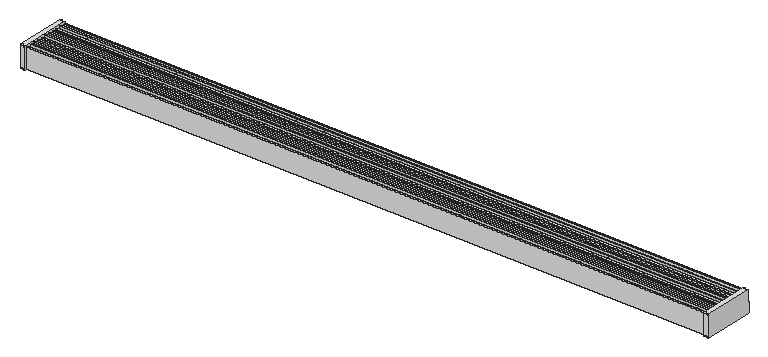
Revit family "Shower-Drain_Cover-KOHLER-Linear-K-80653_1", category Specialty Equipment, host Face, Revit 2017 (continued)
Definition of nested family "K-80653"
  Lines and regions (in)
    symbolic lines, detail levels medium+fine
      curve 322: line (-14.68381, -0.05, 0) -> (-14.01962, -0.05, 0)
      curve 323: line (-13.90762, -0.19, 0) -> (-13.24482, -0.19, 0)
      curve 324: line (-13.90762, -0.05, 0) -> (-13.24482, -0.05, 0)
      curve 325: line (-12.46787, 0.05, 0) -> (-12.46787, 0.19, 0)
      curve 326: line (-13.03155, 1.15, 0) -> (-12.5675, 1.15, 0)
      curve 327: arc (-13.13067, 1.05088, 0) -> (-13.10164, 1.12097, 0) -> (-13.03155, 1.15, 0) r 0.09912
      curve 328: line (-12.35587, 0.05, 0) -> (-12.35587, 0.19, 0)
      curve 329: line (-11.79219, 1.15, 0) -> (-12.26182, 1.15, 0)
      curve 330: line (-11.69307, 1.05088, 0) -> (-11.69307, 1.01, 0)
      curve 331: arc (-11.69307, 1.05088, 0) -> (-11.7221, 1.12097, 0) -> (-11.79219, 1.15, 0) r 0.09912
      curve 332: line (-11.69307, 0.91, 0) -> (-12.35587, 0.91, 0)
      curve 333: line (-13.13206, 0.05, 0) -> (-13.13206, 0.19, 0)
      curve 334: line (-13.13206, 1.01, 0) -> (-12.46787, 1.01, 0)
      curve 335: line (-12.35587, 1.01, 0) -> (-11.69307, 1.01, 0)
      curve 336: line (-13.13206, 1.01, 0) -> (-13.13206, 1.05088, 0)
      curve 337: line (-11.69307, 0.91, 0) -> (-11.69307, 0.77, 0)
      curve 338: line (-13.13206, 0.77, 0) -> (-12.46787, 0.77, 0)
      curve 339: line (-12.46787, 0.91, 0) -> (-13.13206, 0.91, 0)
      curve 340: line (-11.69307, 0.67, 0) -> (-11.69307, 0.53, 0)
      curve 341: line (-12.35587, 0.77, 0) -> (-11.69307, 0.77, 0)
      curve 342: line (-12.46787, 0.77, 0) -> (-12.46787, 0.91, 0)
      curve 343: line (-12.35587, 0.77, 0) -> (-12.35587, 0.91, 0)
      curve 344: line (-13.13206, 0.77, 0) -> (-13.13206, 0.91, 0)
      curve 345: line (-13.13206, 0.67, 0) -> (-12.46787, 0.67, 0)
      curve 346: line (-13.13206, 0.53, 0) -> (-12.46787, 0.53, 0)
      curve 347: line (-12.35587, 0.67, 0) -> (-11.69307, 0.67, 0)
      curve 348: line (-12.35587, 0.53, 0) -> (-11.69307, 0.53, 0)
      curve 349: line (-13.13206, 0.53, 0) -> (-13.13206, 0.67, 0)
      curve 350: line (-11.69307, 0.43, 0) -> (-11.69307, 0.29, 0)
      curve 351: line (-12.35587, 0.53, 0) -> (-12.35587, 0.67, 0)
      curve 352: line (-12.46787, 0.53, 0) -> (-12.46787, 0.67, 0)
      curve 353: line (-13.13206, 0.43, 0) -> (-12.46787, 0.43, 0)
      curve 354: line (-13.13206, 0.29, 0) -> (-12.46787, 0.29, 0)
      curve 355: line (-13.13206, 0.29, 0) -> (-13.13206, 0.43, 0)
      curve 356: line (-12.46787, 0.29, 0) -> (-12.46787, 0.43, 0)
      curve 357: line (-12.35587, 0.29, 0) -> (-12.35587, 0.43, 0)
      curve 358: line (-11.69307, 0.19, 0) -> (-11.69307, 0.05, 0)
      curve 359: line (-12.35587, 0.29, 0) -> (-11.69307, 0.29, 0)
      curve 360: line (-12.35587, 0.43, 0) -> (-11.69307, 0.43, 0)
      curve 361: line (-13.13206, 0.19, 0) -> (-12.46787, 0.19, 0)
      curve 362: line (-13.13206, 0.05, 0) -> (-12.46787, 0.05, 0)
      curve 363: line (-12.35587, 0.19, 0) -> (-11.69307, 0.19, 0)
      curve 364: line (-12.35587, 0.05, 0) -> (-11.69307, 0.05, 0)
      curve 365: line (-12.46787, -0.05, 0) -> (-12.46787, -0.19, 0)
      curve 366: line (-13.03155, -1.15, 0) -> (-12.57323, -1.15, 0)
      curve 367: arc (-13.13067, -1.05088, 0) -> (-13.10164, -1.12097, 0) -> (-13.03155, -1.15, 0) r 0.09912
      curve 368: line (-12.35587, -0.05, 0) -> (-12.35587, -0.19, 0)
      curve 369: line (-11.79219, -1.15, 0) -> (-12.25558, -1.15, 0)
      curve 370: line (-11.69307, -1.05088, 0) -> (-11.69307, -1.01, 0)
      curve 371: arc (-11.69307, -1.05088, 0) -> (-11.7221, -1.12097, 0) -> (-11.79219, -1.15, 0) r 0.09912
      curve 372: line (-11.69307, -0.91, 0) -> (-12.35587, -0.91, 0)
      curve 373: line (-13.13206, -0.05, 0) -> (-13.13206, -0.19, 0)
      curve 374: line (-13.13206, -1.01, 0) -> (-12.46787, -1.01, 0)
      curve 375: line (-12.35587, -1.01, 0) -> (-11.69307, -1.01, 0)
      curve 376: line (-13.13206, -1.01, 0) -> (-13.13206, -1.05088, 0)
      curve 377: line (-11.69307, -0.91, 0) -> (-11.69307, -0.77, 0)
      curve 378: line (-13.13206, -0.77, 0) -> (-12.46787, -0.77, 0)
      curve 379: line (-12.46787, -0.91, 0) -> (-13.13206, -0.91, 0)
      curve 380: line (-11.69307, -0.67, 0) -> (-11.69307, -0.53, 0)
      curve 381: line (-12.35587, -0.77, 0) -> (-11.69307, -0.77, 0)
      curve 382: line (-12.46787, -0.77, 0) -> (-12.46787, -0.91, 0)
      curve 383: line (-12.35587, -0.77, 0) -> (-12.35587, -0.91, 0)
      curve 384: line (-13.13206, -0.77, 0) -> (-13.13206, -0.91, 0)
      curve 385: line (-13.13206, -0.67, 0) -> (-12.46787, -0.67, 0)
      curve 386: line (-13.13206, -0.53, 0) -> (-12.46787, -0.53, 0)
      curve 387: line (-12.35587, -0.67, 0) -> (-11.69307, -0.67, 0)
      curve 388: line (-12.35587, -0.53, 0) -> (-11.69307, -0.53, 0)
      curve 389: line (-13.13206, -0.53, 0) -> (-13.13206, -0.67, 0)
      curve 390: line (-11.69307, -0.43, 0) -> (-11.69307, -0.29, 0)
      curve 391: line (-12.35587, -0.53, 0) -> (-12.35587, -0.67, 0)
      curve 392: line (-12.46787, -0.53, 0) -> (-12.46787, -0.67, 0)
      curve 393: line (-13.13206, -0.43, 0) -> (-12.46787, -0.43, 0)
      curve 394: line (-13.13206, -0.29, 0) -> (-12.46787, -0.29, 0)
      curve 395: line (-13.13206, -0.29, 0) -> (-13.13206, -0.43, 0)
      curve 396: line (-12.46787, -0.29, 0) -> (-12.46787, -0.43, 0)
      curve 397: line (-12.35587, -0.29, 0) -> (-12.35587, -0.43, 0)
      curve 398: line (-11.69307, -0.19, 0) -> (-11.69307, -0.05, 0)
      curve 399: line (-12.35587, -0.29, 0) -> (-11.69307, -0.29, 0)
      curve 400: line (-12.35587, -0.43, 0) -> (-11.69307, -0.43, 0)
      curve 401: line (-13.13206, -0.19, 0) -> (-12.46787, -0.19, 0)
      curve 402: line (-13.13206, -0.05, 0) -> (-12.46787, -0.05, 0)
      curve 403: line (-12.35587, -0.19, 0) -> (-11.69307, -0.19, 0)
      curve 404: line (-12.35587, -0.05, 0) -> (-11.69307, -0.05, 0)
      curve 405: arc (-12.46787, -1.04464, 0) -> (-12.49873, -1.11914, 0) -> (-12.57323, -1.15, 0) r 0.10536
      curve 406: arc (-12.35587, -1.0497, 0) -> (-12.3265, -1.12062, 0) -> (-12.25558, -1.15, 0) r 0.1003
      curve 407: line (-12.46787, -1.01, 0) -> (-12.46787, -1.04464, 0)
      curve 408: line (-12.35587, -1.01, 0) -> (-12.35587, -1.0497, 0)
      curve 409: arc (-12.46787, 1.05037, 0) -> (-12.49705, 1.12082, 0) -> (-12.5675, 1.15, 0) r 0.09963
      curve 410: line (-12.46787, 1.01, 0) -> (-12.46787, 1.05037, 0)
      curve 411: line (-12.35587, 1.01, 0) -> (-12.35587, 1.05595, 0)
      curve 412: arc (-12.35587, 1.05595, 0) -> (-12.32833, 1.12245, 0) -> (-12.26182, 1.15, 0) r 0.09405
      curve 413: line (-10.91658, 0.05, 0) -> (-10.91658, 0.19, 0)
      curve 414: arc (-10.91658, 0.83109, 0) -> (-10.92832, 0.87565, 0) -> (-10.95903, 0.91, 0) r 0.09854
      curve 415: arc (-11.02394, 1.01, 0) -> (-11.02688, 1.02893, 0) -> (-11.02762, 1.04807, 0) r 0.16707
      curve 416: line (-11.48026, 1.15, 0) -> (-11.12769, 1.15, 0)
      curve 417: arc (-11.57938, 1.05088, 0) -> (-11.55035, 1.12097, 0) -> (-11.48026, 1.15, 0) r 0.09912
      curve 418: arc (-11.12769, 1.15, 0) -> (-11.05627, 1.12003, 0) -> (-11.02762, 1.04807, 0) r 0.10009
      curve 419: arc (-10.77323, 1.01, 0) -> (-10.86058, 1.13911, 0) -> (-10.94794, 1.01, 0) r 0.09411
      curve 420: line (-10.80458, 0.05, 0) -> (-10.80458, 0.19, 0)
      curve 421: arc (-10.80458, 0.83109, 0) -> (-10.79285, 0.87565, 0) -> (-10.76214, 0.91, 0) r 0.09854
      curve 422: arc (-10.69723, 1.01, 0) -> (-10.69429, 1.02893, 0) -> (-10.69355, 1.04807, 0) r 0.16707
      curve 423: line (-10.2409, 1.15, 0) -> (-10.59348, 1.15, 0)
      curve 424: line (-10.14178, 1.05088, 0) -> (-10.14178, 1.01, 0)
      curve 425: arc (-10.14178, 1.05088, 0) -> (-10.17082, 1.12097, 0) -> (-10.2409, 1.15, 0) r 0.09912
      curve 426: arc (-10.59348, 1.15, 0) -> (-10.6649, 1.12003, 0) -> (-10.69355, 1.04807, 0) r 0.10009
      curve 427: line (-10.14178, 0.91, 0) -> (-10.76214, 0.91, 0)
      curve 428: line (-11.58077, 0.05, 0) -> (-11.58077, 0.19, 0)
      curve 429: line (-11.58077, 1.01, 0) -> (-11.02394, 1.01, 0)
      curve 430: line (-10.69723, 1.01, 0) -> (-10.14178, 1.01, 0)
      curve 431: line (-10.94794, 1.01, 0) -> (-10.77323, 1.01, 0)
      curve 432: line (-11.58077, 1.01, 0) -> (-11.58077, 1.05088, 0)
      curve 433: line (-10.14178, 0.91, 0) -> (-10.14178, 0.77, 0)
      curve 434: line (-11.58077, 0.77, 0) -> (-10.91658, 0.77, 0)
      curve 435: line (-10.95903, 0.91, 0) -> (-11.58077, 0.91, 0)
      curve 436: line (-10.14178, 0.67, 0) -> (-10.14178, 0.53, 0)
      curve 437: line (-10.80458, 0.77, 0) -> (-10.14178, 0.77, 0)
      curve 438: line (-10.91658, 0.77, 0) -> (-10.91658, 0.83109, 0)
      curve 439: line (-10.80458, 0.77, 0) -> (-10.80458, 0.83109, 0)
      curve 440: line (-11.58077, 0.77, 0) -> (-11.58077, 0.91, 0)
      curve 441: line (-11.58077, 0.67, 0) -> (-10.91658, 0.67, 0)
      curve 442: line (-11.58077, 0.53, 0) -> (-10.91658, 0.53, 0)
      curve 443: line (-10.80458, 0.67, 0) -> (-10.14178, 0.67, 0)
      curve 444: line (-10.80458, 0.53, 0) -> (-10.14178, 0.53, 0)
      curve 445: line (-11.58077, 0.53, 0) -> (-11.58077, 0.67, 0)
      curve 446: line (-10.14178, 0.43, 0) -> (-10.14178, 0.29, 0)
      curve 447: line (-10.80458, 0.53, 0) -> (-10.80458, 0.67, 0)
      curve 448: line (-10.91658, 0.53, 0) -> (-10.91658, 0.67, 0)
      curve 449: line (-11.58077, 0.43, 0) -> (-10.91658, 0.43, 0)
      curve 450: line (-11.58077, 0.29, 0) -> (-10.91658, 0.29, 0)
      curve 451: line (-11.58077, 0.29, 0) -> (-11.58077, 0.43, 0)
      curve 452: line (-10.91658, 0.29, 0) -> (-10.91658, 0.43, 0)
      curve 453: line (-10.80458, 0.29, 0) -> (-10.80458, 0.43, 0)
      curve 454: line (-10.14178, 0.19, 0) -> (-10.14178, 0.05, 0)
      curve 455: line (-10.80458, 0.29, 0) -> (-10.14178, 0.29, 0)
      curve 456: line (-10.80458, 0.43, 0) -> (-10.14178, 0.43, 0)
      curve 457: line (-11.58077, 0.19, 0) -> (-10.91658, 0.19, 0)
      curve 458: line (-11.58077, 0.05, 0) -> (-10.91658, 0.05, 0)
      curve 459: line (-10.80458, 0.19, 0) -> (-10.14178, 0.19, 0)
      curve 460: line (-10.80458, 0.05, 0) -> (-10.14178, 0.05, 0)
      curve 461: line (-10.91658, -0.05, 0) -> (-10.91658, -0.19, 0)
      curve 462: arc (-10.91658, -0.83109, 0) -> (-10.92832, -0.87565, 0) -> (-10.95903, -0.91, 0) r 0.09854
      curve 463: arc (-11.02394, -1.01, 0) -> (-11.02688, -1.02893, 0) -> (-11.02762, -1.04807, 0) r 0.16707
      curve 464: line (-11.48026, -1.15, 0) -> (-11.12769, -1.15, 0)
      curve 465: arc (-11.57938, -1.05088, 0) -> (-11.55035, -1.12097, 0) -> (-11.48026, -1.15, 0) r 0.09912
      curve 466: arc (-11.12769, -1.15, 0) -> (-11.05627, -1.12003, 0) -> (-11.02762, -1.04807, 0) r 0.10009
      curve 467: arc (-10.77323, -1.01, 0) -> (-10.86058, -1.13911, 0) -> (-10.94794, -1.01, 0) r 0.09411
      curve 468: line (-10.80458, -0.05, 0) -> (-10.80458, -0.19, 0)
      curve 469: arc (-10.80458, -0.83109, 0) -> (-10.79285, -0.87565, 0) -> (-10.76214, -0.91, 0) r 0.09854
      curve 470: arc (-10.69723, -1.01, 0) -> (-10.69429, -1.02893, 0) -> (-10.69355, -1.04807, 0) r 0.16707
      curve 471: line (-10.2409, -1.15, 0) -> (-10.59348, -1.15, 0)
      curve 472: line (-10.14178, -1.05088, 0) -> (-10.14178, -1.01, 0)
      curve 473: arc (-10.14178, -1.05088, 0) -> (-10.17082, -1.12097, 0) -> (-10.2409, -1.15, 0) r 0.09912
      curve 474: arc (-10.59348, -1.15, 0) -> (-10.6649, -1.12003, 0) -> (-10.69355, -1.04807, 0) r 0.10009
      curve 475: line (-10.14178, -0.91, 0) -> (-10.76214, -0.91, 0)
      curve 476: line (-11.58077, -0.05, 0) -> (-11.58077, -0.19, 0)
      curve 477: line (-11.58077, -1.01, 0) -> (-11.02394, -1.01, 0)
      curve 478: line (-10.69723, -1.01, 0) -> (-10.14178, -1.01, 0)
      curve 479: line (-10.94794, -1.01, 0) -> (-10.77323, -1.01, 0)
      curve 480: line (-11.58077, -1.01, 0) -> (-11.58077, -1.05088, 0)
      curve 481: line (-10.14178, -0.91, 0) -> (-10.14178, -0.77, 0)
      curve 482: line (-11.58077, -0.77, 0) -> (-10.91658, -0.77, 0)
      curve 483: line (-10.95903, -0.91, 0) -> (-11.58077, -0.91, 0)
      curve 484: line (-10.14178, -0.67, 0) -> (-10.14178, -0.53, 0)
      curve 485: line (-10.80458, -0.77, 0) -> (-10.14178, -0.77, 0)
      curve 486: line (-10.91658, -0.77, 0) -> (-10.91658, -0.83109, 0)
      curve 487: line (-10.80458, -0.77, 0) -> (-10.80458, -0.83109, 0)
      curve 488: line (-11.58077, -0.77, 0) -> (-11.58077, -0.91, 0)
      curve 489: line (-11.58077, -0.67, 0) -> (-10.91658, -0.67, 0)
      curve 490: line (-11.58077, -0.53, 0) -> (-10.91658, -0.53, 0)
      curve 491: line (-10.80458, -0.67, 0) -> (-10.14178, -0.67, 0)
      curve 492: line (-10.80458, -0.53, 0) -> (-10.14178, -0.53, 0)
      curve 493: line (-11.58077, -0.53, 0) -> (-11.58077, -0.67, 0)
      curve 494: line (-10.14178, -0.43, 0) -> (-10.14178, -0.29, 0)
      curve 495: line (-10.80458, -0.53, 0) -> (-10.80458, -0.67, 0)
      curve 496: line (-10.91658, -0.53, 0) -> (-10.91658, -0.67, 0)
      curve 497: line (-11.58077, -0.43, 0) -> (-10.91658, -0.43, 0)
      curve 498: line (-11.58077, -0.29, 0) -> (-10.91658, -0.29, 0)
      curve 499: line (-11.58077, -0.29, 0) -> (-11.58077, -0.43, 0)
      curve 500: line (-10.91658, -0.29, 0) -> (-10.91658, -0.43, 0)
      curve 501: line (-10.80458, -0.29, 0) -> (-10.80458, -0.43, 0)
      curve 502: line (-10.14178, -0.19, 0) -> (-10.14178, -0.05, 0)
      curve 503: line (-10.80458, -0.29, 0) -> (-10.14178, -0.29, 0)
      curve 504: line (-10.80458, -0.43, 0) -> (-10.14178, -0.43, 0)
      curve 505: line (-11.58077, -0.19, 0) -> (-10.91658, -0.19, 0)
      curve 506: line (-11.58077, -0.05, 0) -> (-10.91658, -0.05, 0)
      curve 507: line (-10.80458, -0.19, 0) -> (-10.14178, -0.19, 0)
      curve 508: line (-10.80458, -0.05, 0) -> (-10.14178, -0.05, 0)
      curve 509: line (-9.36483, 0.05, 0) -> (-9.36483, 0.19, 0)
      curve 510: line (-9.92851, 1.15, 0) -> (-9.46446, 1.15, 0)
      curve 511: arc (-10.02763, 1.05088, 0) -> (-9.9986, 1.12097, 0) -> (-9.92851, 1.15, 0) r 0.09912
      curve 512: line (-9.25283, 0.05, 0) -> (-9.25283, 0.19, 0)
      curve 513: line (-8.68915, 1.15, 0) -> (-9.15878, 1.15, 0)
      curve 514: line (-8.59003, 1.05088, 0) -> (-8.59003, 1.01, 0)
      curve 515: arc (-8.59003, 1.05088, 0) -> (-8.61907, 1.12097, 0) -> (-8.68915, 1.15, 0) r 0.09912
      curve 516: line (-8.59003, 0.91, 0) -> (-9.25283, 0.91, 0)
      curve 517: line (-10.02902, 0.05, 0) -> (-10.02902, 0.19, 0)
      curve 518: line (-10.02902, 1.01, 0) -> (-9.36483, 1.01, 0)
      curve 519: line (-9.25283, 1.01, 0) -> (-8.59003, 1.01, 0)
      curve 520: line (-10.02902, 1.01, 0) -> (-10.02902, 1.05088, 0)
      curve 521: line (-8.59003, 0.91, 0) -> (-8.59003, 0.77, 0)
      curve 522: line (-10.02902, 0.77, 0) -> (-9.36483, 0.77, 0)
      curve 523: line (-9.36483, 0.91, 0) -> (-10.02902, 0.91, 0)
      curve 524: line (-8.59003, 0.67, 0) -> (-8.59003, 0.53, 0)
      curve 525: line (-9.25283, 0.77, 0) -> (-8.59003, 0.77, 0)
      curve 526: line (-9.36483, 0.77, 0) -> (-9.36483, 0.91, 0)
      curve 527: line (-9.25283, 0.77, 0) -> (-9.25283, 0.91, 0)
      curve 528: line (-10.02902, 0.77, 0) -> (-10.02902, 0.91, 0)
      curve 529: line (-10.02902, 0.67, 0) -> (-9.36483, 0.67, 0)
      curve 530: line (-10.02902, 0.53, 0) -> (-9.36483, 0.53, 0)
      curve 531: line (-9.25283, 0.67, 0) -> (-8.59003, 0.67, 0)
      curve 532: line (-9.25283, 0.53, 0) -> (-8.59003, 0.53, 0)
      curve 533: line (-10.02902, 0.53, 0) -> (-10.02902, 0.67, 0)
      curve 534: line (-8.59003, 0.43, 0) -> (-8.59003, 0.29, 0)
      curve 535: line (-9.25283, 0.53, 0) -> (-9.25283, 0.67, 0)
      curve 536: line (-9.36483, 0.53, 0) -> (-9.36483, 0.67, 0)
      curve 537: line (-10.02902, 0.43, 0) -> (-9.36483, 0.43, 0)
      curve 538: line (-10.02902, 0.29, 0) -> (-9.36483, 0.29, 0)
      curve 539: line (-10.02902, 0.29, 0) -> (-10.02902, 0.43, 0)
      curve 540: line (-9.36483, 0.29, 0) -> (-9.36483, 0.43, 0)
      curve 541: line (-9.25283, 0.29, 0) -> (-9.25283, 0.43, 0)
      curve 542: line (-8.59003, 0.19, 0) -> (-8.59003, 0.05, 0)
      curve 543: line (-9.25283, 0.29, 0) -> (-8.59003, 0.29, 0)
      curve 544: line (-9.25283, 0.43, 0) -> (-8.59003, 0.43, 0)
      curve 545: line (-10.02902, 0.19, 0) -> (-9.36483, 0.19, 0)
      curve 546: line (-10.02902, 0.05, 0) -> (-9.36483, 0.05, 0)
      curve 547: line (-9.25283, 0.19, 0) -> (-8.59003, 0.19, 0)
      curve 548: line (-9.25283, 0.05, 0) -> (-8.59003, 0.05, 0)
      curve 549: line (-9.36483, -0.05, 0) -> (-9.36483, -0.19, 0)
      curve 550: line (-9.92851, -1.15, 0) -> (-9.47019, -1.15, 0)
      curve 551: arc (-10.02763, -1.05088, 0) -> (-9.9986, -1.12097, 0) -> (-9.92851, -1.15, 0) r 0.09912
      curve 552: line (-9.25283, -0.05, 0) -> (-9.25283, -0.19, 0)
      curve 553: line (-8.68915, -1.15, 0) -> (-9.15254, -1.15, 0)
      curve 554: line (-8.59003, -1.05088, 0) -> (-8.59003, -1.01, 0)
      curve 555: arc (-8.59003, -1.05088, 0) -> (-8.61907, -1.12097, 0) -> (-8.68915, -1.15, 0) r 0.09912
      curve 556: line (-8.59003, -0.91, 0) -> (-9.25283, -0.91, 0)
      curve 557: line (-10.02902, -0.05, 0) -> (-10.02902, -0.19, 0)
      curve 558: line (-10.02902, -1.01, 0) -> (-9.36483, -1.01, 0)
      curve 559: line (-9.25283, -1.01, 0) -> (-8.59003, -1.01, 0)
      curve 560: line (-10.02902, -1.01, 0) -> (-10.02902, -1.05088, 0)
      curve 561: line (-8.59003, -0.91, 0) -> (-8.59003, -0.77, 0)
      curve 562: line (-10.02902, -0.77, 0) -> (-9.36483, -0.77, 0)
      curve 563: line (-9.36483, -0.91, 0) -> (-10.02902, -0.91, 0)
      curve 564: line (-8.59003, -0.67, 0) -> (-8.59003, -0.53, 0)
      curve 565: line (-9.25283, -0.77, 0) -> (-8.59003, -0.77, 0)
      curve 566: line (-9.36483, -0.77, 0) -> (-9.36483, -0.91, 0)
      curve 567: line (-9.25283, -0.77, 0) -> (-9.25283, -0.91, 0)
      curve 568: line (-10.02902, -0.77, 0) -> (-10.02902, -0.91, 0)
      curve 569: line (-10.02902, -0.67, 0) -> (-9.36483, -0.67, 0)
      curve 570: line (-10.02902, -0.53, 0) -> (-9.36483, -0.53, 0)
      curve 571: line (-9.25283, -0.67, 0) -> (-8.59003, -0.67, 0)
      curve 572: line (-9.25283, -0.53, 0) -> (-8.59003, -0.53, 0)
      curve 573: line (-10.02902, -0.53, 0) -> (-10.02902, -0.67, 0)
      curve 574: line (-8.59003, -0.43, 0) -> (-8.59003, -0.29, 0)
      curve 575: line (-9.25283, -0.53, 0) -> (-9.25283, -0.67, 0)
      curve 576: line (-9.36483, -0.53, 0) -> (-9.36483, -0.67, 0)
      curve 577: line (-10.02902, -0.43, 0) -> (-9.36483, -0.43, 0)
      curve 578: line (-10.02902, -0.29, 0) -> (-9.36483, -0.29, 0)
      curve 579: line (-10.02902, -0.29, 0) -> (-10.02902, -0.43, 0)
      curve 580: line (-9.36483, -0.29, 0) -> (-9.36483, -0.43, 0)
      curve 581: line (-9.25283, -0.29, 0) -> (-9.25283, -0.43, 0)
      curve 582: line (-8.59003, -0.19, 0) -> (-8.59003, -0.05, 0)
      curve 583: line (-9.25283, -0.29, 0) -> (-8.59003, -0.29, 0)
      curve 584: line (-9.25283, -0.43, 0) -> (-8.59003, -0.43, 0)
      curve 585: line (-10.02902, -0.19, 0) -> (-9.36483, -0.19, 0)
      curve 586: line (-10.02902, -0.05, 0) -> (-9.36483, -0.05, 0)
      curve 587: line (-9.25283, -0.19, 0) -> (-8.59003, -0.19, 0)
      curve 588: line (-9.25283, -0.05, 0) -> (-8.59003, -0.05, 0)
      curve 589: arc (-9.36483, -1.04464, 0) -> (-9.39569, -1.11914, 0) -> (-9.47019, -1.15, 0) r 0.10536
      curve 590: arc (-9.25283, -1.0497, 0) -> (-9.22346, -1.12062, 0) -> (-9.15254, -1.15, 0) r 0.1003
      curve 591: line (-9.36483, -1.01, 0) -> (-9.36483, -1.04464, 0)
      curve 592: line (-9.25283, -1.01, 0) -> (-9.25283, -1.0497, 0)
      curve 593: arc (-9.36483, 1.05037, 0) -> (-9.39401, 1.12082, 0) -> (-9.46446, 1.15, 0) r 0.09963
      curve 594: line (-9.36483, 1.01, 0) -> (-9.36483, 1.05037, 0)
      curve 595: line (-9.25283, 1.01, 0) -> (-9.25283, 1.05595, 0)
      curve 596: arc (-9.25283, 1.05595, 0) -> (-9.22529, 1.12245, 0) -> (-9.15878, 1.15, 0) r 0.09405
      curve 597: line (-7.81498, 0.05, 0) -> (-7.81498, 0.19, 0)
      curve 598: arc (-7.81498, 0.83109, 0) -> (-7.82672, 0.87565, 0) -> (-7.85743, 0.91, 0) r 0.09854
      curve 599: arc (-7.92234, 1.01, 0) -> (-7.92527, 1.02893, 0) -> (-7.92602, 1.04807, 0) r 0.16707
      curve 600: line (-8.37866, 1.15, 0) -> (-8.02609, 1.15, 0)
      curve 601: arc (-8.47778, 1.05088, 0) -> (-8.44875, 1.12097, 0) -> (-8.37866, 1.15, 0) r 0.09912
      curve 602: arc (-8.02609, 1.15, 0) -> (-7.95467, 1.12003, 0) -> (-7.92602, 1.04807, 0) r 0.10009
      curve 603: arc (-7.67162, 1.01, 0) -> (-7.75898, 1.13911, 0) -> (-7.84633, 1.01, 0) r 0.09411
      curve 604: line (-7.70298, 0.05, 0) -> (-7.70298, 0.19, 0)
      curve 605: arc (-7.70298, 0.83109, 0) -> (-7.69124, 0.87565, 0) -> (-7.66053, 0.91, 0) r 0.09854
      curve 606: arc (-7.59562, 1.01, 0) -> (-7.59269, 1.02893, 0) -> (-7.59194, 1.04807, 0) r 0.16707
      curve 607: line (-7.1393, 1.15, 0) -> (-7.49187, 1.15, 0)
      curve 608: line (-7.04018, 1.05088, 0) -> (-7.04018, 1.01, 0)
      curve 609: arc (-7.04018, 1.05088, 0) -> (-7.06921, 1.12097, 0) -> (-7.1393, 1.15, 0) r 0.09912
      curve 610: arc (-7.49187, 1.15, 0) -> (-7.56329, 1.12003, 0) -> (-7.59194, 1.04807, 0) r 0.10009
      curve 611: line (-7.04018, 0.91, 0) -> (-7.66053, 0.91, 0)
      curve 612: line (-8.47916, 0.05, 0) -> (-8.47916, 0.19, 0)
      curve 613: line (-8.47916, 1.01, 0) -> (-7.92234, 1.01, 0)
      curve 614: line (-7.59562, 1.01, 0) -> (-7.04018, 1.01, 0)
      curve 615: line (-7.84633, 1.01, 0) -> (-7.67162, 1.01, 0)
      curve 616: line (-8.47916, 1.01, 0) -> (-8.47916, 1.05088, 0)
      curve 617: line (-7.04018, 0.91, 0) -> (-7.04018, 0.77, 0)
      curve 618: line (-8.47916, 0.77, 0) -> (-7.81498, 0.77, 0)
      curve 619: line (-7.85743, 0.91, 0) -> (-8.47916, 0.91, 0)
      curve 620: line (-7.04018, 0.67, 0) -> (-7.04018, 0.53, 0)
      curve 621: line (-7.70298, 0.77, 0) -> (-7.04018, 0.77, 0)
      curve 622: line (-7.81498, 0.77, 0) -> (-7.81498, 0.83109, 0)
      curve 623: line (-7.70298, 0.77, 0) -> (-7.70298, 0.83109, 0)
      curve 624: line (-8.47916, 0.77, 0) -> (-8.47916, 0.91, 0)
      curve 625: line (-8.47916, 0.67, 0) -> (-7.81498, 0.67, 0)
      curve 626: line (-8.47916, 0.53, 0) -> (-7.81498, 0.53, 0)
      curve 627: line (-7.70298, 0.67, 0) -> (-7.04018, 0.67, 0)
      curve 628: line (-7.70298, 0.53, 0) -> (-7.04018, 0.53, 0)
      curve 629: line (-8.47916, 0.53, 0) -> (-8.47916, 0.67, 0)
      curve 630: line (-7.04018, 0.43, 0) -> (-7.04018, 0.29, 0)
      curve 631: line (-7.70298, 0.53, 0) -> (-7.70298, 0.67, 0)
      curve 632: line (-7.81498, 0.53, 0) -> (-7.81498, 0.67, 0)
      curve 633: line (-8.47916, 0.43, 0) -> (-7.81498, 0.43, 0)
      curve 634: line (-8.47916, 0.29, 0) -> (-7.81498, 0.29, 0)
      curve 635: line (-8.47916, 0.29, 0) -> (-8.47916, 0.43, 0)
      curve 636: line (-7.81498, 0.29, 0) -> (-7.81498, 0.43, 0)
      curve 637: line (-7.70298, 0.29, 0) -> (-7.70298, 0.43, 0)
      curve 638: line (-7.04018, 0.19, 0) -> (-7.04018, 0.05, 0)
      curve 639: line (-7.70298, 0.29, 0) -> (-7.04018, 0.29, 0)
      curve 640: line (-7.70298, 0.43, 0) -> (-7.04018, 0.43, 0)
      curve 641: line (-8.47916, 0.19, 0) -> (-7.81498, 0.19, 0)
      curve 642: line (-8.47916, 0.05, 0) -> (-7.81498, 0.05, 0)
      curve 643: line (-7.70298, 0.19, 0) -> (-7.04018, 0.19, 0)
      curve 644: line (-7.70298, 0.05, 0) -> (-7.04018, 0.05, 0)
      curve 645: line (-7.81498, -0.05, 0) -> (-7.81498, -0.19, 0)
      curve 646: arc (-7.81498, -0.83109, 0) -> (-7.82672, -0.87565, 0) -> (-7.85743, -0.91, 0) r 0.09854
      curve 647: arc (-7.92234, -1.01, 0) -> (-7.92527, -1.02893, 0) -> (-7.92602, -1.04807, 0) r 0.16707
      curve 648: line (-8.37866, -1.15, 0) -> (-8.02609, -1.15, 0)
      curve 649: arc (-8.47778, -1.05088, 0) -> (-8.44875, -1.12097, 0) -> (-8.37866, -1.15, 0) r 0.09912
      curve 650: arc (-8.02609, -1.15, 0) -> (-7.95467, -1.12003, 0) -> (-7.92602, -1.04807, 0) r 0.10009
      curve 651: arc (-7.67162, -1.01, 0) -> (-7.75898, -1.13911, 0) -> (-7.84633, -1.01, 0) r 0.09411
      curve 652: line (-7.70298, -0.05, 0) -> (-7.70298, -0.19, 0)
      curve 653: arc (-7.70298, -0.83109, 0) -> (-7.69124, -0.87565, 0) -> (-7.66053, -0.91, 0) r 0.09854
      curve 654: arc (-7.59562, -1.01, 0) -> (-7.59269, -1.02893, 0) -> (-7.59194, -1.04807, 0) r 0.16707
      curve 655: line (-7.1393, -1.15, 0) -> (-7.49187, -1.15, 0)
      curve 656: line (-7.04018, -1.05088, 0) -> (-7.04018, -1.01, 0)
      curve 657: arc (-7.04018, -1.05088, 0) -> (-7.06921, -1.12097, 0) -> (-7.1393, -1.15, 0) r 0.09912
      curve 658: arc (-7.49187, -1.15, 0) -> (-7.56329, -1.12003, 0) -> (-7.59194, -1.04807, 0) r 0.10009
      curve 659: line (-7.04018, -0.91, 0) -> (-7.66053, -0.91, 0)
      curve 660: line (-8.47916, -0.05, 0) -> (-8.47916, -0.19, 0)
      curve 661: line (-8.47916, -1.01, 0) -> (-7.92234, -1.01, 0)
      curve 662: line (-7.59562, -1.01, 0) -> (-7.04018, -1.01, 0)
      curve 663: line (-7.84633, -1.01, 0) -> (-7.67162, -1.01, 0)
      curve 664: line (-8.47916, -1.01, 0) -> (-8.47916, -1.05088, 0)
      curve 665: line (-7.04018, -0.91, 0) -> (-7.04018, -0.77, 0)
      curve 666: line (-8.47916, -0.77, 0) -> (-7.81498, -0.77, 0)
      curve 667: line (-7.85743, -0.91, 0) -> (-8.47916, -0.91, 0)
      curve 668: line (-7.04018, -0.67, 0) -> (-7.04018, -0.53, 0)
      curve 669: line (-7.70298, -0.77, 0) -> (-7.04018, -0.77, 0)
      curve 670: line (-7.81498, -0.77, 0) -> (-7.81498, -0.83109, 0)
      curve 671: line (-7.70298, -0.77, 0) -> (-7.70298, -0.83109, 0)
      curve 672: line (-8.47916, -0.77, 0) -> (-8.47916, -0.91, 0)
      curve 673: line (-8.47916, -0.67, 0) -> (-7.81498, -0.67, 0)
      curve 674: line (-8.47916, -0.53, 0) -> (-7.81498, -0.53, 0)
      curve 675: line (-7.70298, -0.67, 0) -> (-7.04018, -0.67, 0)
      curve 676: line (-7.70298, -0.53, 0) -> (-7.04018, -0.53, 0)
      curve 677: line (-8.47916, -0.53, 0) -> (-8.47916, -0.67, 0)
      curve 678: line (-7.04018, -0.43, 0) -> (-7.04018, -0.29, 0)
      curve 679: line (-7.70298, -0.53, 0) -> (-7.70298, -0.67, 0)
      curve 680: line (-7.81498, -0.53, 0) -> (-7.81498, -0.67, 0)
      curve 681: line (-8.47916, -0.43, 0) -> (-7.81498, -0.43, 0)
      curve 682: line (-8.47916, -0.29, 0) -> (-7.81498, -0.29, 0)
      curve 683: line (-8.47916, -0.29, 0) -> (-8.47916, -0.43, 0)
      curve 684: line (-7.81498, -0.29, 0) -> (-7.81498, -0.43, 0)
      curve 685: line (-7.70298, -0.29, 0) -> (-7.70298, -0.43, 0)
      curve 686: line (-7.04018, -0.19, 0) -> (-7.04018, -0.05, 0)
      curve 687: line (-7.70298, -0.29, 0) -> (-7.04018, -0.29, 0)
      curve 688: line (-7.70298, -0.43, 0) -> (-7.04018, -0.43, 0)
      curve 689: line (-8.47916, -0.19, 0) -> (-7.81498, -0.19, 0)
      curve 690: line (-8.47916, -0.05, 0) -> (-7.81498, -0.05, 0)
      curve 691: line (-7.70298, -0.19, 0) -> (-7.04018, -0.19, 0)
      curve 692: line (-7.70298, -0.05, 0) -> (-7.04018, -0.05, 0)
      curve 693: line (-6.26323, 0.05, 0) -> (-6.26323, 0.19, 0)
      curve 694: line (-6.82691, 1.15, 0) -> (-6.36286, 1.15, 0)
      curve 695: arc (-6.92603, 1.05088, 0) -> (-6.897, 1.12097, 0) -> (-6.82691, 1.15, 0) r 0.09912
      curve 696: line (-6.15123, 0.05, 0) -> (-6.15123, 0.19, 0)
      curve 697: line (-5.58755, 1.15, 0) -> (-6.05718, 1.15, 0)
      curve 698: line (-5.48843, 1.05088, 0) -> (-5.48843, 1.01, 0)
      curve 699: arc (-5.48843, 1.05088, 0) -> (-5.51746, 1.12097, 0) -> (-5.58755, 1.15, 0) r 0.09912
      curve 700: line (-5.48843, 0.91, 0) -> (-6.15123, 0.91, 0)
      curve 701: line (-6.92741, 0.05, 0) -> (-6.92741, 0.19, 0)
      curve 702: line (-6.92741, 1.01, 0) -> (-6.26323, 1.01, 0)
      curve 703: line (-6.15123, 1.01, 0) -> (-5.48843, 1.01, 0)
      curve 704: line (-6.92741, 1.01, 0) -> (-6.92741, 1.05088, 0)
      curve 705: line (-5.48843, 0.91, 0) -> (-5.48843, 0.77, 0)
      curve 706: line (-6.92741, 0.77, 0) -> (-6.26323, 0.77, 0)
      curve 707: line (-6.26323, 0.91, 0) -> (-6.92741, 0.91, 0)
      curve 708: line (-5.48843, 0.67, 0) -> (-5.48843, 0.53, 0)
      curve 709: line (-6.15123, 0.77, 0) -> (-5.48843, 0.77, 0)
      curve 710: line (-6.26323, 0.77, 0) -> (-6.26323, 0.91, 0)
      curve 711: line (-6.15123, 0.77, 0) -> (-6.15123, 0.91, 0)
      curve 712: line (-6.92741, 0.77, 0) -> (-6.92741, 0.91, 0)
      curve 713: line (-6.92741, 0.67, 0) -> (-6.26323, 0.67, 0)
      curve 714: line (-6.92741, 0.53, 0) -> (-6.26323, 0.53, 0)
      curve 715: line (-6.15123, 0.67, 0) -> (-5.48843, 0.67, 0)
      curve 716: line (-6.15123, 0.53, 0) -> (-5.48843, 0.53, 0)
      curve 717: line (-6.92741, 0.53, 0) -> (-6.92741, 0.67, 0)
      curve 718: line (-5.48843, 0.43, 0) -> (-5.48843, 0.29, 0)
      curve 719: line (-6.15123, 0.53, 0) -> (-6.15123, 0.67, 0)
      curve 720: line (-6.26323, 0.53, 0) -> (-6.26323, 0.67, 0)
      curve 721: line (-6.92741, 0.43, 0) -> (-6.26323, 0.43, 0)
      curve 722: line (-6.92741, 0.29, 0) -> (-6.26323, 0.29, 0)
      curve 723: line (-6.92741, 0.29, 0) -> (-6.92741, 0.43, 0)
      curve 724: line (-6.26323, 0.29, 0) -> (-6.26323, 0.43, 0)
      curve 725: line (-6.15123, 0.29, 0) -> (-6.15123, 0.43, 0)
      curve 726: line (-5.48843, 0.19, 0) -> (-5.48843, 0.05, 0)
      curve 727: line (-6.15123, 0.29, 0) -> (-5.48843, 0.29, 0)
      curve 728: line (-6.15123, 0.43, 0) -> (-5.48843, 0.43, 0)
      curve 729: line (-6.92741, 0.19, 0) -> (-6.26323, 0.19, 0)
      curve 730: line (-6.92741, 0.05, 0) -> (-6.26323, 0.05, 0)
      curve 731: line (-6.15123, 0.19, 0) -> (-5.48843, 0.19, 0)
      curve 732: line (-6.15123, 0.05, 0) -> (-5.48843, 0.05, 0)
      curve 733: line (-6.26323, -0.05, 0) -> (-6.26323, -0.19, 0)
      curve 734: line (-6.82691, -1.15, 0) -> (-6.36859, -1.15, 0)
      curve 735: arc (-6.92603, -1.05088, 0) -> (-6.897, -1.12097, 0) -> (-6.82691, -1.15, 0) r 0.09912
      curve 736: line (-6.15123, -0.05, 0) -> (-6.15123, -0.19, 0)
      curve 737: line (-5.58755, -1.15, 0) -> (-6.05093, -1.15, 0)
      curve 738: line (-5.48843, -1.05088, 0) -> (-5.48843, -1.01, 0)
      curve 739: arc (-5.48843, -1.05088, 0) -> (-5.51746, -1.12097, 0) -> (-5.58755, -1.15, 0) r 0.09912
      curve 740: line (-5.48843, -0.91, 0) -> (-6.15123, -0.91, 0)
      curve 741: line (-6.92741, -0.05, 0) -> (-6.92741, -0.19, 0)
      curve 742: line (-6.92741, -1.01, 0) -> (-6.26323, -1.01, 0)
      curve 743: line (-6.15123, -1.01, 0) -> (-5.48843, -1.01, 0)
      curve 744: line (-6.92741, -1.01, 0) -> (-6.92741, -1.05088, 0)
      curve 745: line (-5.48843, -0.91, 0) -> (-5.48843, -0.77, 0)
      curve 746: line (-6.92741, -0.77, 0) -> (-6.26323, -0.77, 0)
      curve 747: line (-6.26323, -0.91, 0) -> (-6.92741, -0.91, 0)
      curve 748: line (-5.48843, -0.67, 0) -> (-5.48843, -0.53, 0)
      curve 749: line (-6.15123, -0.77, 0) -> (-5.48843, -0.77, 0)
      curve 750: line (-6.26323, -0.77, 0) -> (-6.26323, -0.91, 0)
      curve 751: line (-6.15123, -0.77, 0) -> (-6.15123, -0.91, 0)
      curve 752: line (-6.92741, -0.77, 0) -> (-6.92741, -0.91, 0)
      curve 753: line (-6.92741, -0.67, 0) -> (-6.26323, -0.67, 0)
      curve 754: line (-6.92741, -0.53, 0) -> (-6.26323, -0.53, 0)
      curve 755: line (-6.15123, -0.67, 0) -> (-5.48843, -0.67, 0)
      curve 756: line (-6.15123, -0.53, 0) -> (-5.48843, -0.53, 0)
      curve 757: line (-6.92741, -0.53, 0) -> (-6.92741, -0.67, 0)
      curve 758: line (-5.48843, -0.43, 0) -> (-5.48843, -0.29, 0)
      curve 759: line (-6.15123, -0.53, 0) -> (-6.15123, -0.67, 0)
      curve 760: line (-6.26323, -0.53, 0) -> (-6.26323, -0.67, 0)
      curve 761: line (-6.92741, -0.43, 0) -> (-6.26323, -0.43, 0)
      curve 762: line (-6.92741, -0.29, 0) -> (-6.26323, -0.29, 0)
      curve 763: line (-6.92741, -0.29, 0) -> (-6.92741, -0.43, 0)
      curve 764: line (-6.26323, -0.29, 0) -> (-6.26323, -0.43, 0)
      curve 765: line (-6.15123, -0.29, 0) -> (-6.15123, -0.43, 0)
      curve 766: line (-5.48843, -0.19, 0) -> (-5.48843, -0.05, 0)
      curve 767: line (-6.15123, -0.29, 0) -> (-5.48843, -0.29, 0)
      curve 768: line (-6.15123, -0.43, 0) -> (-5.48843, -0.43, 0)
      curve 769: line (-6.92741, -0.19, 0) -> (-6.26323, -0.19, 0)
      curve 770: line (-6.92741, -0.05, 0) -> (-6.26323, -0.05, 0)
      curve 771: line (-6.15123, -0.19, 0) -> (-5.48843, -0.19, 0)
      curve 772: line (-6.15123, -0.05, 0) -> (-5.48843, -0.05, 0)
      curve 773: arc (-6.26323, -1.04464, 0) -> (-6.29409, -1.11914, 0) -> (-6.36859, -1.15, 0) r 0.10536
      curve 774: arc (-6.15123, -1.0497, 0) -> (-6.12185, -1.12062, 0) -> (-6.05093, -1.15, 0) r 0.1003
      curve 775: line (-6.26323, -1.01, 0) -> (-6.26323, -1.04464, 0)
      curve 776: line (-6.15123, -1.01, 0) -> (-6.15123, -1.0497, 0)
      curve 777: arc (-6.26323, 1.05037, 0) -> (-6.29241, 1.12082, 0) -> (-6.36286, 1.15, 0) r 0.09963
      curve 778: line (-6.26323, 1.01, 0) -> (-6.26323, 1.05037, 0)
      curve 779: line (-6.15123, 1.01, 0) -> (-6.15123, 1.05595, 0)
      curve 780: arc (-6.15123, 1.05595, 0) -> (-6.12368, 1.12245, 0) -> (-6.05718, 1.15, 0) r 0.09405
      curve 781: line (-4.71021, 0.05, 0) -> (-4.71021, 0.19, 0)
      curve 782: arc (-4.71021, 0.83109, 0) -> (-4.72195, 0.87565, 0) -> (-4.75266, 0.91, 0) r 0.09854
      curve 783: arc (-4.81757, 1.01, 0) -> (-4.8205, 1.02893, 0) -> (-4.82125, 1.04807, 0) r 0.16707
      curve 784: line (-5.27389, 1.15, 0) -> (-4.92132, 1.15, 0)
      curve 785: arc (-5.37301, 1.05088, 0) -> (-5.34398, 1.12097, 0) -> (-5.27389, 1.15, 0) r 0.09912
      curve 786: arc (-4.92132, 1.15, 0) -> (-4.8499, 1.12003, 0) -> (-4.82125, 1.04807, 0) r 0.10009
      curve 787: arc (-4.56686, 1.01, 0) -> (-4.65421, 1.13911, 0) -> (-4.74157, 1.01, 0) r 0.09411
      curve 788: line (-4.59821, 0.05, 0) -> (-4.59821, 0.19, 0)
      curve 789: arc (-4.59821, 0.83109, 0) -> (-4.58647, 0.87565, 0) -> (-4.55576, 0.91, 0) r 0.09854
      curve 790: arc (-4.49085, 1.01, 0) -> (-4.48792, 1.02893, 0) -> (-4.48717, 1.04807, 0) r 0.16707
      curve 791: line (-4.03453, 1.15, 0) -> (-4.3871, 1.15, 0)
      curve 792: line (-3.93541, 1.05088, 0) -> (-3.93541, 1.01, 0)
      curve 793: arc (-3.93541, 1.05088, 0) -> (-3.96444, 1.12097, 0) -> (-4.03453, 1.15, 0) r 0.09912
      curve 794: arc (-4.3871, 1.15, 0) -> (-4.45852, 1.12003, 0) -> (-4.48717, 1.04807, 0) r 0.10009
      curve 795: line (-3.93541, 0.91, 0) -> (-4.55576, 0.91, 0)
      curve 796: line (-5.3744, 0.05, 0) -> (-5.3744, 0.19, 0)
      curve 797: line (-5.3744, 1.01, 0) -> (-4.81757, 1.01, 0)
      curve 798: line (-4.49085, 1.01, 0) -> (-3.93541, 1.01, 0)
      curve 799: line (-4.74157, 1.01, 0) -> (-4.56686, 1.01, 0)
      curve 800: line (-5.3744, 1.01, 0) -> (-5.3744, 1.05088, 0)
      curve 801: line (-3.93541, 0.91, 0) -> (-3.93541, 0.77, 0)
      curve 802: line (-5.3744, 0.77, 0) -> (-4.71021, 0.77, 0)
      curve 803: line (-4.75266, 0.91, 0) -> (-5.3744, 0.91, 0)
      curve 804: line (-3.93541, 0.67, 0) -> (-3.93541, 0.53, 0)
      curve 805: line (-4.59821, 0.77, 0) -> (-3.93541, 0.77, 0)
      curve 806: line (-4.71021, 0.77, 0) -> (-4.71021, 0.83109, 0)
      curve 807: line (-4.59821, 0.77, 0) -> (-4.59821, 0.83109, 0)
      curve 808: line (-5.3744, 0.77, 0) -> (-5.3744, 0.91, 0)
      curve 809: line (-5.3744, 0.67, 0) -> (-4.71021, 0.67, 0)
      curve 810: line (-5.3744, 0.53, 0) -> (-4.71021, 0.53, 0)
      curve 811: line (-4.59821, 0.67, 0) -> (-3.93541, 0.67, 0)
      curve 812: line (-4.59821, 0.53, 0) -> (-3.93541, 0.53, 0)
      curve 813: line (-5.3744, 0.53, 0) -> (-5.3744, 0.67, 0)
      curve 814: line (-3.93541, 0.43, 0) -> (-3.93541, 0.29, 0)
      curve 815: line (-4.59821, 0.53, 0) -> (-4.59821, 0.67, 0)
      curve 816: line (-4.71021, 0.53, 0) -> (-4.71021, 0.67, 0)
      curve 817: line (-5.3744, 0.43, 0) -> (-4.71021, 0.43, 0)
      curve 818: line (-5.3744, 0.29, 0) -> (-4.71021, 0.29, 0)
      curve 819: line (-5.3744, 0.29, 0) -> (-5.3744, 0.43, 0)
      curve 820: line (-4.71021, 0.29, 0) -> (-4.71021, 0.43, 0)
      curve 821: line (-4.59821, 0.29, 0) -> (-4.59821, 0.43, 0)
      curve 822: line (-3.93541, 0.19, 0) -> (-3.93541, 0.05, 0)
      curve 823: line (-4.59821, 0.29, 0) -> (-3.93541, 0.29, 0)
      curve 824: line (-4.59821, 0.43, 0) -> (-3.93541, 0.43, 0)
      curve 825: line (-5.3744, 0.19, 0) -> (-4.71021, 0.19, 0)
      curve 826: line (-5.3744, 0.05, 0) -> (-4.71021, 0.05, 0)
      curve 827: line (-4.59821, 0.19, 0) -> (-3.93541, 0.19, 0)
      curve 828: line (-4.59821, 0.05, 0) -> (-3.93541, 0.05, 0)
      curve 829: line (-4.71021, -0.05, 0) -> (-4.71021, -0.19, 0)
      curve 830: arc (-4.71021, -0.83109, 0) -> (-4.72195, -0.87565, 0) -> (-4.75266, -0.91, 0) r 0.09854
      curve 831: arc (-4.81757, -1.01, 0) -> (-4.8205, -1.02893, 0) -> (-4.82125, -1.04807, 0) r 0.16707
      curve 832: line (-5.27389, -1.15, 0) -> (-4.92132, -1.15, 0)
      curve 833: arc (-5.37301, -1.05088, 0) -> (-5.34398, -1.12097, 0) -> (-5.27389, -1.15, 0) r 0.09912
      curve 834: arc (-4.92132, -1.15, 0) -> (-4.8499, -1.12003, 0) -> (-4.82125, -1.04807, 0) r 0.10009
      curve 835: arc (-4.56686, -1.01, 0) -> (-4.65421, -1.13911, 0) -> (-4.74157, -1.01, 0) r 0.09411
      curve 836: line (-4.59821, -0.05, 0) -> (-4.59821, -0.19, 0)
      curve 837: arc (-4.59821, -0.83109, 0) -> (-4.58647, -0.87565, 0) -> (-4.55576, -0.91, 0) r 0.09854
      curve 838: arc (-4.49085, -1.01, 0) -> (-4.48792, -1.02893, 0) -> (-4.48717, -1.04807, 0) r 0.16707
      curve 839: line (-4.03453, -1.15, 0) -> (-4.3871, -1.15, 0)
      curve 840: line (-3.93541, -1.05088, 0) -> (-3.93541, -1.01, 0)
      curve 841: arc (-3.93541, -1.05088, 0) -> (-3.96444, -1.12097, 0) -> (-4.03453, -1.15, 0) r 0.09912
      curve 842: arc (-4.3871, -1.15, 0) -> (-4.45852, -1.12003, 0) -> (-4.48717, -1.04807, 0) r 0.10009
      curve 843: line (-3.93541, -0.91, 0) -> (-4.55576, -0.91, 0)
      curve 844: line (-5.3744, -0.05, 0) -> (-5.3744, -0.19, 0)
      curve 845: line (-5.3744, -1.01, 0) -> (-4.81757, -1.01, 0)
      curve 846: line (-4.49085, -1.01, 0) -> (-3.93541, -1.01, 0)
      curve 847: line (-4.74157, -1.01, 0) -> (-4.56686, -1.01, 0)
      curve 848: line (-5.3744, -1.01, 0) -> (-5.3744, -1.05088, 0)
      curve 849: line (-3.93541, -0.91, 0) -> (-3.93541, -0.77, 0)
      curve 850: line (-5.3744, -0.77, 0) -> (-4.71021, -0.77, 0)
      curve 851: line (-4.75266, -0.91, 0) -> (-5.3744, -0.91, 0)
      curve 852: line (-3.93541, -0.67, 0) -> (-3.93541, -0.53, 0)
      curve 853: line (-4.59821, -0.77, 0) -> (-3.93541, -0.77, 0)
      curve 854: line (-4.71021, -0.77, 0) -> (-4.71021, -0.83109, 0)
      curve 855: line (-4.59821, -0.77, 0) -> (-4.59821, -0.83109, 0)
      curve 856: line (-5.3744, -0.77, 0) -> (-5.3744, -0.91, 0)
      curve 857: line (-5.3744, -0.67, 0) -> (-4.71021, -0.67, 0)
      curve 858: line (-5.3744, -0.53, 0) -> (-4.71021, -0.53, 0)
      curve 859: line (-4.59821, -0.67, 0) -> (-3.93541, -0.67, 0)
      curve 860: line (-4.59821, -0.53, 0) -> (-3.93541, -0.53, 0)
      curve 861: line (-5.3744, -0.53, 0) -> (-5.3744, -0.67, 0)
      curve 862: line (-3.93541, -0.43, 0) -> (-3.93541, -0.29, 0)
      curve 863: line (-4.59821, -0.53, 0) -> (-4.59821, -0.67, 0)
      curve 864: line (-4.71021, -0.53, 0) -> (-4.71021, -0.67, 0)
      curve 865: line (-5.3744, -0.43, 0) -> (-4.71021, -0.43, 0)
      curve 866: line (-5.3744, -0.29, 0) -> (-4.71021, -0.29, 0)
      curve 867: line (-5.3744, -0.29, 0) -> (-5.3744, -0.43, 0)
      curve 868: line (-4.71021, -0.29, 0) -> (-4.71021, -0.43, 0)
      curve 869: line (-4.59821, -0.29, 0) -> (-4.59821, -0.43, 0)
      curve 870: line (-3.93541, -0.19, 0) -> (-3.93541, -0.05, 0)
      curve 871: line (-4.59821, -0.29, 0) -> (-3.93541, -0.29, 0)
      curve 872: line (-4.59821, -0.43, 0) -> (-3.93541, -0.43, 0)
      curve 873: line (-5.3744, -0.19, 0) -> (-4.71021, -0.19, 0)
      curve 874: line (-5.3744, -0.05, 0) -> (-4.71021, -0.05, 0)
      curve 875: line (-4.59821, -0.19, 0) -> (-3.93541, -0.19, 0)
      curve 876: line (-4.59821, -0.05, 0) -> (-3.93541, -0.05, 0)
      curve 877: line (-3.15846, 0.05, 0) -> (-3.15846, 0.19, 0)
      curve 878: line (-3.72214, 1.15, 0) -> (-3.25809, 1.15, 0)
      curve 879: arc (-3.82126, 1.05088, 0) -> (-3.79223, 1.12097, 0) -> (-3.72214, 1.15, 0) r 0.09912
      curve 880: line (-3.04646, 0.05, 0) -> (-3.04646, 0.19, 0)
      curve 881: line (-2.48278, 1.15, 0) -> (-2.95241, 1.15, 0)
      curve 882: line (-2.38366, 1.05088, 0) -> (-2.38366, 1.01, 0)
      curve 883: arc (-2.38366, 1.05088, 0) -> (-2.41269, 1.12097, 0) -> (-2.48278, 1.15, 0) r 0.09912
      curve 884: line (-2.38366, 0.91, 0) -> (-3.04646, 0.91, 0)
      curve 885: line (-3.82265, 0.05, 0) -> (-3.82265, 0.19, 0)
      curve 886: line (-3.82265, 1.01, 0) -> (-3.15846, 1.01, 0)
      curve 887: line (-3.04646, 1.01, 0) -> (-2.38366, 1.01, 0)
      curve 888: line (-3.82265, 1.01, 0) -> (-3.82265, 1.05088, 0)
      curve 889: line (-2.38366, 0.91, 0) -> (-2.38366, 0.77, 0)
      curve 890: line (-3.82265, 0.77, 0) -> (-3.15846, 0.77, 0)
      curve 891: line (-3.15846, 0.91, 0) -> (-3.82265, 0.91, 0)
      curve 892: line (-2.38366, 0.67, 0) -> (-2.38366, 0.53, 0)
      curve 893: line (-3.04646, 0.77, 0) -> (-2.38366, 0.77, 0)
      curve 894: line (-3.15846, 0.77, 0) -> (-3.15846, 0.91, 0)
      curve 895: line (-3.04646, 0.77, 0) -> (-3.04646, 0.91, 0)
      curve 896: line (-3.82265, 0.77, 0) -> (-3.82265, 0.91, 0)
      curve 897: line (-3.82265, 0.67, 0) -> (-3.15846, 0.67, 0)
      curve 898: line (-3.82265, 0.53, 0) -> (-3.15846, 0.53, 0)
      curve 899: line (-3.04646, 0.67, 0) -> (-2.38366, 0.67, 0)
      curve 900: line (-3.04646, 0.53, 0) -> (-2.38366, 0.53, 0)
      curve 901: line (-3.82265, 0.53, 0) -> (-3.82265, 0.67, 0)
      curve 902: line (-2.38366, 0.43, 0) -> (-2.38366, 0.29, 0)
      curve 903: line (-3.04646, 0.53, 0) -> (-3.04646, 0.67, 0)
      curve 904: line (-3.15846, 0.53, 0) -> (-3.15846, 0.67, 0)
      curve 905: line (-3.82265, 0.43, 0) -> (-3.15846, 0.43, 0)
      curve 906: line (-3.82265, 0.29, 0) -> (-3.15846, 0.29, 0)
      curve 907: line (-3.82265, 0.29, 0) -> (-3.82265, 0.43, 0)
      curve 908: line (-3.15846, 0.29, 0) -> (-3.15846, 0.43, 0)
      curve 909: line (-3.04646, 0.29, 0) -> (-3.04646, 0.43, 0)
      curve 910: line (-2.38366, 0.19, 0) -> (-2.38366, 0.05, 0)
      curve 911: line (-3.04646, 0.29, 0) -> (-2.38366, 0.29, 0)
      curve 912: line (-3.04646, 0.43, 0) -> (-2.38366, 0.43, 0)
      curve 913: line (-3.82265, 0.19, 0) -> (-3.15846, 0.19, 0)
      curve 914: line (-3.82265, 0.05, 0) -> (-3.15846, 0.05, 0)
      curve 915: line (-3.04646, 0.19, 0) -> (-2.38366, 0.19, 0)
      curve 916: line (-3.04646, 0.05, 0) -> (-2.38366, 0.05, 0)
      curve 917: line (-3.15846, -0.05, 0) -> (-3.15846, -0.19, 0)
      curve 918: line (-3.72214, -1.15, 0) -> (-3.26382, -1.15, 0)
      curve 919: arc (-3.82126, -1.05088, 0) -> (-3.79223, -1.12097, 0) -> (-3.72214, -1.15, 0) r 0.09912
      curve 920: line (-3.04646, -0.05, 0) -> (-3.04646, -0.19, 0)
      curve 921: line (-2.48278, -1.15, 0) -> (-2.94616, -1.15, 0)
      curve 922: line (-2.38366, -1.05088, 0) -> (-2.38366, -1.01, 0)
      curve 923: arc (-2.38366, -1.05088, 0) -> (-2.41269, -1.12097, 0) -> (-2.48278, -1.15, 0) r 0.09912
      curve 924: line (-2.38366, -0.91, 0) -> (-3.04646, -0.91, 0)
      curve 925: line (-3.82265, -0.05, 0) -> (-3.82265, -0.19, 0)
      curve 926: line (-3.82265, -1.01, 0) -> (-3.15846, -1.01, 0)
      curve 927: line (-3.04646, -1.01, 0) -> (-2.38366, -1.01, 0)
      curve 928: line (-3.82265, -1.01, 0) -> (-3.82265, -1.05088, 0)
      curve 929: line (-2.38366, -0.91, 0) -> (-2.38366, -0.77, 0)
      curve 930: line (-3.82265, -0.77, 0) -> (-3.15846, -0.77, 0)
      curve 931: line (-3.15846, -0.91, 0) -> (-3.82265, -0.91, 0)
      curve 932: line (-2.38366, -0.67, 0) -> (-2.38366, -0.53, 0)
      curve 933: line (-3.04646, -0.77, 0) -> (-2.38366, -0.77, 0)
      curve 934: line (-3.15846, -0.77, 0) -> (-3.15846, -0.91, 0)
      curve 935: line (-3.04646, -0.77, 0) -> (-3.04646, -0.91, 0)
      curve 936: line (-3.82265, -0.77, 0) -> (-3.82265, -0.91, 0)
      curve 937: line (-3.82265, -0.67, 0) -> (-3.15846, -0.67, 0)
      curve 938: line (-3.82265, -0.53, 0) -> (-3.15846, -0.53, 0)
      curve 939: line (-3.04646, -0.67, 0) -> (-2.38366, -0.67, 0)
      curve 940: line (-3.04646, -0.53, 0) -> (-2.38366, -0.53, 0)
      curve 941: line (-3.82265, -0.53, 0) -> (-3.82265, -0.67, 0)
      curve 942: line (-2.38366, -0.43, 0) -> (-2.38366, -0.29, 0)
      curve 943: line (-3.04646, -0.53, 0) -> (-3.04646, -0.67, 0)
      curve 944: line (-3.15846, -0.53, 0) -> (-3.15846, -0.67, 0)
      curve 945: line (-3.82265, -0.43, 0) -> (-3.15846, -0.43, 0)
      curve 946: line (-3.82265, -0.29, 0) -> (-3.15846, -0.29, 0)
      curve 947: line (-3.82265, -0.29, 0) -> (-3.82265, -0.43, 0)
      curve 948: line (-3.15846, -0.29, 0) -> (-3.15846, -0.43, 0)
      curve 949: line (-3.04646, -0.29, 0) -> (-3.04646, -0.43, 0)
      curve 950: line (-2.38366, -0.19, 0) -> (-2.38366, -0.05, 0)
      curve 951: line (-3.04646, -0.29, 0) -> (-2.38366, -0.29, 0)
      curve 952: line (-3.04646, -0.43, 0) -> (-2.38366, -0.43, 0)
      curve 953: line (-3.82265, -0.19, 0) -> (-3.15846, -0.19, 0)
      curve 954: line (-3.82265, -0.05, 0) -> (-3.15846, -0.05, 0)
      curve 955: line (-3.04646, -0.19, 0) -> (-2.38366, -0.19, 0)
      curve 956: line (-3.04646, -0.05, 0) -> (-2.38366, -0.05, 0)
      curve 957: arc (-3.15846, -1.04464, 0) -> (-3.18932, -1.11914, 0) -> (-3.26382, -1.15, 0) r 0.10536
      curve 958: arc (-3.04646, -1.0497, 0) -> (-3.01708, -1.12062, 0) -> (-2.94616, -1.15, 0) r 0.1003
      curve 959: line (-3.15846, -1.01, 0) -> (-3.15846, -1.04464, 0)
      curve 960: line (-3.04646, -1.01, 0) -> (-3.04646, -1.0497, 0)
      curve 961: arc (-3.15846, 1.05037, 0) -> (-3.18764, 1.12082, 0) -> (-3.25809, 1.15, 0) r 0.09963
      curve 962: line (-3.15846, 1.01, 0) -> (-3.15846, 1.05037, 0)
      curve 963: line (-3.04646, 1.01, 0) -> (-3.04646, 1.05595, 0)
      curve 964: arc (-3.04646, 1.05595, 0) -> (-3.01891, 1.12245, 0) -> (-2.95241, 1.15, 0) r 0.09405
      curve 965: line (-1.6117, 0.05, 0) -> (-1.6117, 0.19, 0)
      curve 966: arc (-1.6117, 0.83109, 0) -> (-1.62343, 0.87565, 0) -> (-1.65415, 0.91, 0) r 0.09854
      curve 967: arc (-1.71906, 1.01, 0) -> (-1.72199, 1.02893, 0) -> (-1.72273, 1.04807, 0) r 0.16707
      curve 968: line (-2.17538, 1.15, 0) -> (-1.82281, 1.15, 0)
      curve 969: arc (-2.2745, 1.05088, 0) -> (-2.24547, 1.12097, 0) -> (-2.17538, 1.15, 0) r 0.09912
      curve 970: arc (-1.82281, 1.15, 0) -> (-1.75139, 1.12003, 0) -> (-1.72273, 1.04807, 0) r 0.10009
      curve 971: arc (-1.46834, 1.01, 0) -> (-1.5557, 1.13911, 0) -> (-1.64305, 1.01, 0) r 0.09411
      curve 972: line (-1.4997, 0.05, 0) -> (-1.4997, 0.19, 0)
      curve 973: arc (-1.4997, 0.83109, 0) -> (-1.48796, 0.87565, 0) -> (-1.45725, 0.91, 0) r 0.09854
      curve 974: arc (-1.39234, 1.01, 0) -> (-1.38941, 1.02893, 0) -> (-1.38866, 1.04807, 0) r 0.16707
      curve 975: line (-0.93602, 1.15, 0) -> (-1.28859, 1.15, 0)
      curve 976: line (-0.8369, 1.05088, 0) -> (-0.8369, 1.01, 0)
      curve 977: arc (-0.8369, 1.05088, 0) -> (-0.86593, 1.12097, 0) -> (-0.93602, 1.15, 0) r 0.09912
      curve 978: arc (-1.28859, 1.15, 0) -> (-1.36001, 1.12003, 0) -> (-1.38866, 1.04807, 0) r 0.10009
      curve 979: line (-0.8369, 0.91, 0) -> (-1.45725, 0.91, 0)
      curve 980: line (-2.27588, 0.05, 0) -> (-2.27588, 0.19, 0)
      curve 981: line (-2.27588, 1.01, 0) -> (-1.71906, 1.01, 0)
      curve 982: line (-1.39234, 1.01, 0) -> (-0.8369, 1.01, 0)
      curve 983: line (-1.64305, 1.01, 0) -> (-1.46834, 1.01, 0)
      curve 984: line (-2.27588, 1.01, 0) -> (-2.27588, 1.05088, 0)
      curve 985: line (-0.8369, 0.91, 0) -> (-0.8369, 0.77, 0)
      curve 986: line (-2.27588, 0.77, 0) -> (-1.6117, 0.77, 0)
      curve 987: line (-1.65415, 0.91, 0) -> (-2.27588, 0.91, 0)
      curve 988: line (-0.8369, 0.67, 0) -> (-0.8369, 0.53, 0)
      curve 989: line (-1.4997, 0.77, 0) -> (-0.8369, 0.77, 0)
      curve 990: line (-1.6117, 0.77, 0) -> (-1.6117, 0.83109, 0)
      curve 991: line (-1.4997, 0.77, 0) -> (-1.4997, 0.83109, 0)
      curve 992: line (-2.27588, 0.77, 0) -> (-2.27588, 0.91, 0)
      curve 993: line (-2.27588, 0.67, 0) -> (-1.6117, 0.67, 0)
      curve 994: line (-2.27588, 0.53, 0) -> (-1.6117, 0.53, 0)
      curve 995: line (-1.4997, 0.67, 0) -> (-0.8369, 0.67, 0)
      curve 996: line (-1.4997, 0.53, 0) -> (-0.8369, 0.53, 0)
      curve 997: line (-2.27588, 0.53, 0) -> (-2.27588, 0.67, 0)
      curve 998: line (-0.8369, 0.43, 0) -> (-0.8369, 0.29, 0)
      curve 999: line (-1.4997, 0.53, 0) -> (-1.4997, 0.67, 0)
      curve 1000: line (-1.6117, 0.53, 0) -> (-1.6117, 0.67, 0)
      curve 1001: line (-2.27588, 0.43, 0) -> (-1.6117, 0.43, 0)
      curve 1002: line (-2.27588, 0.29, 0) -> (-1.6117, 0.29, 0)
      curve 1003: line (-2.27588, 0.29, 0) -> (-2.27588, 0.43, 0)
      curve 1004: line (-1.6117, 0.29, 0) -> (-1.6117, 0.43, 0)
      curve 1005: line (-1.4997, 0.29, 0) -> (-1.4997, 0.43, 0)
      curve 1006: line (-0.8369, 0.19, 0) -> (-0.8369, 0.05, 0)
      curve 1007: line (-1.4997, 0.29, 0) -> (-0.8369, 0.29, 0)
      curve 1008: line (-1.4997, 0.43, 0) -> (-0.8369, 0.43, 0)
      curve 1009: line (-2.27588, 0.19, 0) -> (-1.6117, 0.19, 0)
      curve 1010: line (-2.27588, 0.05, 0) -> (-1.6117, 0.05, 0)
      curve 1011: line (-1.4997, 0.19, 0) -> (-0.8369, 0.19, 0)
      curve 1012: line (-1.4997, 0.05, 0) -> (-0.8369, 0.05, 0)
      curve 1013: line (-1.6117, -0.05, 0) -> (-1.6117, -0.19, 0)
      curve 1014: arc (-1.6117, -0.83109, 0) -> (-1.62343, -0.87565, 0) -> (-1.65415, -0.91, 0) r 0.09854
      curve 1015: arc (-1.71906, -1.01, 0) -> (-1.72199, -1.02893, 0) -> (-1.72273, -1.04807, 0) r 0.16707
      curve 1016: line (-2.17538, -1.15, 0) -> (-1.82281, -1.15, 0)
      curve 1017: arc (-2.2745, -1.05088, 0) -> (-2.24547, -1.12097, 0) -> (-2.17538, -1.15, 0) r 0.09912
      curve 1018: arc (-1.82281, -1.15, 0) -> (-1.75139, -1.12003, 0) -> (-1.72273, -1.04807, 0) r 0.10009
      curve 1019: arc (-1.46834, -1.01, 0) -> (-1.5557, -1.13911, 0) -> (-1.64305, -1.01, 0) r 0.09411
      curve 1020: line (-1.4997, -0.05, 0) -> (-1.4997, -0.19, 0)
      curve 1021: arc (-1.4997, -0.83109, 0) -> (-1.48796, -0.87565, 0) -> (-1.45725, -0.91, 0) r 0.09854
      curve 1022: arc (-1.39234, -1.01, 0) -> (-1.38941, -1.02893, 0) -> (-1.38866, -1.04807, 0) r 0.16707
      curve 1023: line (-0.93602, -1.15, 0) -> (-1.28859, -1.15, 0)
